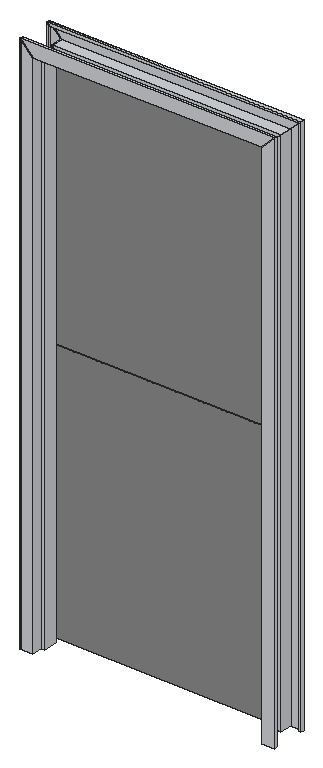
Revit family "Int-DD-MDMF-36 x 84", category Doors, host Wall, Revit 2014
Parameters (values of type "Int-DD-MDMF-36" x 84"")
  Width = Door Panel Width  # 3' - 0"
  Wall Thickness [instance] = 0' - 4 3/4"
  URL = ""
  Type Comments = ""
  Thickness = 0' - 1 3/4"
  Swing Angle [instance] = 90.00°
  SDI RO Spacing = 0' - 0"
  SDI Panel 1 Width = Leaf Width + 0' 0 3/16"  # 3' - 0"
  SDI No Panels = ""
  SDI HW Set [instance] = ""
  SDI HW Item LO-2 [instance] = ""
  SDI HW Item LO-1 [instance] = ""
  SDI HW Item KP-2 [instance] = ""
  SDI HW Item KP-1 [instance] = ""
  SDI HW Item HI-2 [instance] = ""
  SDI HW Item HI-1 [instance] = ""
  SDI HW Item HC-2 [instance] = ""
  SDI HW Item HC-1 [instance] = ""
  SDI HW Item ED-2 [instance] = ""
  SDI HW Item ED-1 [instance] = ""
  SDI HW Item DO-2 [instance] = ""
  SDI HW Item DO-1 [instance] = ""
  SDI HW Item CL-2 [instance] = ""
  SDI HW Item CL-1 [instance] = ""
  SDI Glass Material = Glass
  SDI Frame Type = "3 Piece"
  SDI Frame Material Type = "Hollow Metal"
  SDI Frame Material = Paint - Generic - Prime
  SDI Frame Manufacturer = ""
  SDI Frame Jamb Width = 0' - 2"
  SDI Frame Head Width = 0' - 2"
  SDI Frame Finish Type = "Painted"
  SDI Frame Finish Color = "Prime"
  SDI Frame Depth [instance] = 0' - 5 3/4"
  SDI Family Version = "1.0"
  SDI Door Panel Type = "DD"
  SDI Door Material Type = "Hollow Metal"
  SDI Door Material = Paint - Generic - Prime
  SDI Door Manufacturer = ""
  SDI Door Finish Type = "Painted"
  SDI Door Finish Color = "Prime"
  SDI Door Configuration = "SG"
  SDI Arch Frame Type [instance] = ""
  SDI Arch Frame Material Type [instance] = "HM"
  SDI Arch Door Panel Type [instance] = "DD"
  SDI Arch Door Material Type [instance] = "HM"
  SDI Adjacent Wall Placement = 0' - 4"
  Rough Width = Frame Width - 0' 1" + 2 * SDI RO Spacing  # 3' - 3"
  Rough Height = Frame Height - 0' 0 1/2" + SDI RO Spacing  # 7' - 1 1/2"
  R1 Height = 7' - 0"
  P1 Width = 3' - 2"
  Model = "Int-DD-MDMF-36\" x 84\""
  Manufacturer = ""
  Leaf Width = P1 Width - 0' 2 3/16"  # 2' - 11 13/16"
  Height = Door Panel Height  # 7' - 0"
  Function = Interior
  Frame Width = P1 Width + 0' 2"  # 3' - 4"
  Frame Offset [instance] = 0' - 0"
  Frame Height = R1 Height + 0' 2"  # 7' - 2"
  Fire Rating = ""
  Exterior Glazing [instance] = no
  Door Panel Width = P1 Width - 0' 2"  # 3' - 0"
  Door Panel Height = R1 Height + 0' 2" - (0' 2")  # 7' - 0"
  Description = "Hollow Metal Door with Hollow Metal Frame"
  Cost = 0
  Assembly Code = "C1020310"
  Analytic Construction = "<None>"
  ADA Clearance Lines = no
Reference planes (in)
  plane 1: y = 0
  plane 2 "Center (Left/Right)": x = 0
  plane 3 "Wall Edge": y = 2.375
  plane 4 "Wall Interior": y = -2.375
  plane 5 "ModelRefLevel": z = 0
  plane 6 "FrameDepthPlane": y = 0
  plane 7 "FrameFront": y = 2.875
  plane 8 "FrameBack": y = -2.875
  plane 9 "V0": x = 19
  plane 10 "V1": x = -19
  plane 11 "H0": z = 1
  plane 12 "H1": z = 85
  plane 13 "InTermLeftJamb0": x = 18
  plane 14 "OutTermLeftJamb0": x = 20
  plane 15 "InTermRightJamb1": x = -18
  plane 16 "OutTermRightJamb1": x = -20
  plane 17 "DoorLeft": x = 18
  plane 18 "DoorRight": x = -18
  plane 19 "DoorCenter": x = 0
  plane 20 "DoorTop": z = 83.875
  plane 21 "DoorCenterTB": z = 41.9375
  plane 22 "DoorExtFace": y = 2.8125
  plane 23 "DoorGlassFace": y = 2.0625
  plane 24 "LockCenterLine": z = 41.3125
  plane 25 "ActDoorLeft": x = 17.90625
  plane 26 "SwingClrPlane": y = 62.375
  plane 27 "SwingPartialPlane": y = 50.375
  plane 28 "LeftAdjWall": x = 24
Forms (in)
  Extrusion 1, solid
    sketch origin (138.6875, 0, 43) x (-1, 0, 0) y (0, -1, 0)
      loop
        line (119.0625, -2.375) -> (118.6875, -2.375) -> (118.6875, -2.875) -> (120.6875, -2.875) -> (120.6875, -0.9375) -> (121.3125, -0.9375) -> (121.3125, 1.3125) -> (120.6875, 1.3125) -> (120.6875, 2.875) -> (118.6875, 2.875) -> (118.6875, 2.375) -> (119.0625, 2.375) -> (119.0625, 2.4375) -> (118.75, 2.4375) -> (118.75, 2.8125) -> (120.625, 2.8125) -> (120.625, 1.25) -> (121.25, 1.25) -> (121.25, -0.875) -> (120.625, -0.875) -> (120.625, -2.8125) -> (118.75, -2.8125) -> (118.75, -2.4375) -> (119.0625, -2.4375) -> (119.0625, -2.375)
    from -43 to 43
  Extrusion 2, void
    sketch origin (0, 2.375, 0) x (1, 0, 0) y (0, 0, 1)
      loop
        line (20, 86) -> (17.375, 86) -> (17.375, 83.375) -> (20, 86)
    from -12 to 12
  Extrusion 3, solid
    sketch origin (101.3125, 0, 43) x (-1, 0, 0) y (0, -1, 0)
      loop
        line (120.9375, -2.4375) -> (121.25, -2.4375) -> (121.25, -2.8125) -> (119.375, -2.8125) -> (119.375, -0.875) -> (118.75, -0.875) -> (118.75, 1.25) -> (119.375, 1.25) -> (119.375, 2.8125) -> (121.25, 2.8125) -> (121.25, 2.4375) -> (120.9375, 2.4375) -> (120.9375, 2.375) -> (121.3125, 2.375) -> (121.3125, 2.875) -> (119.3125, 2.875) -> (119.3125, 1.3125) -> (118.6875, 1.3125) -> (118.6875, -0.9375) -> (119.3125, -0.9375) -> (119.3125, -2.875) -> (121.3125, -2.875) -> (121.3125, -2.375) -> (120.9375, -2.375) -> (120.9375, -2.4375)
    from -43 to 43
  Extrusion 4, void
    sketch origin (0, 2.375, 0) x (1, 0, 0) y (0, 0, 1)
      loop
        line (-20, 86) -> (-17.375, 83.375) -> (-17.375, 86) -> (-20, 86)
    from -12 to 12
  Extrusion 5, solid
    sketch origin (0, 0, 84.6875) x (0, 1, 0) y (0, 0, 1)
      loop
        line (2.4375, 0.9375) -> (2.4375, 1.25) -> (2.8125, 1.25) -> (2.8125, -0.625) -> (0.875, -0.625) -> (0.875, -1.25) -> (-1.25, -1.25) -> (-1.25, -0.625) -> (-2.8125, -0.625) -> (-2.8125, 1.25) -> (-2.4375, 1.25) -> (-2.4375, 0.9375) -> (-2.375, 0.9375) -> (-2.375, 1.3125) -> (-2.875, 1.3125) -> (-2.875, -0.6875) -> (-1.3125, -0.6875) -> (-1.3125, -1.3125) -> (0.9375, -1.3125) -> (0.9375, -0.6875) -> (2.875, -0.6875) -> (2.875, 1.3125) -> (2.375, 1.3125) -> (2.375, 0.9375) -> (2.4375, 0.9375)
    from -20 to 20
  Extrusion 6, void
    sketch origin (0, 2.375, 0) x (1, 0, 0) y (0, 0, 1)
      loop
        line (-20, 86) -> (-20, 83.375) -> (-17.375, 83.375) -> (-20, 86)
    from -12 to 12
  Extrusion 7, void
    sketch origin (0, 2.375, 0) x (1, 0, 0) y (0, 0, 1)
      loop
        line (20, 86) -> (17.375, 83.375) -> (20, 83.375) -> (20, 86)
    from -12 to 12
  Extrusion 8, solid, material "Paint - Generic - Prime" <- "SDI Door Material"
    sketch origin (-72, 2.8125, -24) x (1, 0, 0) y (0, 0, 1)
      loop
        line (89.90625, 24.625) -> (89.90625, 66) -> (54.09375, 66) -> (54.09375, 24.625) -> (89.90625, 24.625)
    from 0 to 1.75
  Extrusion 9, solid, material "Paint - Generic - Prime" <- "SDI Door Material"
    sketch origin (-72, 2.8125, -24) x (1, 0, 0) y (0, 0, 1)
      loop
        line (89.90625, 66.125) -> (89.90625, 107.875) -> (54.09375, 107.875) -> (54.09375, 66.125) -> (89.90625, 66.125)
    from 0 to 1.75
Cuts and joins
  Extrusion 2 cuts Extrusion 1
  Extrusion 4 cuts Extrusion 3
  Extrusion 6, Extrusion 7 cuts Extrusion 5
Lines and regions (in)
  Opening 1
    outline origin (-60, -2.375, 0) x (1, 0, 0) y (0, 0, 1)
      loop
        line (79.5, 0) -> (79.5, 85.5) -> (40.5, 85.5) -> (40.5, 0) -> (79.5, 0)
  symbolic lines, style "DoorsFrameMullionProjection", detail levels fine
    curve 1: line (19.625, 2.375, 0) -> (20, 2.375, 0)
    curve 2: line (20, 2.375, 0) -> (20, 2.875, 0)
    curve 3: line (20, 2.875, 0) -> (18, 2.875, 0)
    curve 4: line (18, 2.875, 0) -> (18, 0.9375, 0)
    curve 5: line (18, 0.9375, 0) -> (17.375, 0.9375, 0)
    curve 6: line (17.375, 0.9375, 0) -> (17.375, -1.3125, 0)
    curve 7: line (17.375, -1.3125, 0) -> (18, -1.3125, 0)
    curve 8: line (18, -1.3125, 0) -> (18, -2.875, 0)
    curve 9: line (18, -2.875, 0) -> (20, -2.875, 0)
    curve 10: line (20, -2.875, 0) -> (20, -2.375, 0)
    curve 11: line (20, -2.375, 0) -> (19.625, -2.375, 0)
    curve 12: line (19.625, -2.375, 0) -> (19.625, -2.4375, 0)
    curve 13: line (19.625, -2.4375, 0) -> (19.9375, -2.4375, 0)
    curve 14: line (19.9375, -2.4375, 0) -> (19.9375, -2.8125, 0)
    curve 15: line (19.9375, -2.8125, 0) -> (18.0625, -2.8125, 0)
    curve 16: line (18.0625, -2.8125, 0) -> (18.0625, -1.25, 0)
    curve 17: line (18.0625, -1.25, 0) -> (17.4375, -1.25, 0)
    curve 18: line (17.4375, -1.25, 0) -> (17.4375, 0.875, 0)
    curve 19: line (17.4375, 0.875, 0) -> (18.0625, 0.875, 0)
    curve 20: line (18.0625, 0.875, 0) -> (18.0625, 2.8125, 0)
    curve 21: line (18.0625, 2.8125, 0) -> (19.9375, 2.8125, 0)
    curve 22: line (19.9375, 2.8125, 0) -> (19.9375, 2.4375, 0)
    curve 23: line (19.9375, 2.4375, 0) -> (19.625, 2.4375, 0)
    curve 24: line (19.625, 2.4375, 0) -> (19.625, 2.375, 0)
    curve 37: line (-19.625, 2.4375, 0) -> (-19.9375, 2.4375, 0)
    curve 38: line (-19.9375, 2.4375, 0) -> (-19.9375, 2.8125, 0)
    curve 39: line (-19.9375, 2.8125, 0) -> (-18.0625, 2.8125, 0)
    curve 40: line (-18.0625, 2.8125, 0) -> (-18.0625, 0.875, 0)
    curve 41: line (-18.0625, 0.875, 0) -> (-17.4375, 0.875, 0)
    curve 42: line (-17.4375, 0.875, 0) -> (-17.4375, -1.25, 0)
    curve 43: line (-17.4375, -1.25, 0) -> (-18.0625, -1.25, 0)
    curve 44: line (-18.0625, -1.25, 0) -> (-18.0625, -2.8125, 0)
    curve 45: line (-18.0625, -2.8125, 0) -> (-19.9375, -2.8125, 0)
    curve 46: line (-19.9375, -2.8125, 0) -> (-19.9375, -2.4375, 0)
    curve 47: line (-19.9375, -2.4375, 0) -> (-19.625, -2.4375, 0)
    curve 48: line (-19.625, -2.4375, 0) -> (-19.625, -2.375, 0)
    curve 49: line (-19.625, -2.375, 0) -> (-20, -2.375, 0)
    curve 50: line (-20, -2.375, 0) -> (-20, -2.875, 0)
    curve 51: line (-20, -2.875, 0) -> (-18, -2.875, 0)
    curve 52: line (-18, -2.875, 0) -> (-18, -1.3125, 0)
    curve 53: line (-18, -1.3125, 0) -> (-17.375, -1.3125, 0)
    curve 54: line (-17.375, -1.3125, 0) -> (-17.375, 0.9375, 0)
    curve 55: line (-17.375, 0.9375, 0) -> (-18, 0.9375, 0)
    curve 56: line (-18, 0.9375, 0) -> (-18, 2.875, 0)
    curve 57: line (-18, 2.875, 0) -> (-20, 2.875, 0)
    curve 58: line (-20, 2.875, 0) -> (-20, 2.375, 0)
    curve 59: line (-20, 2.375, 0) -> (-19.625, 2.375, 0)
    curve 60: line (-19.625, 2.375, 0) -> (-19.625, 2.4375, 0)
  symbolic lines, style "DoorsFrameMullionProjection", detail levels coarse
    curve 25: line (18, -2.875, 0) -> (19.5, -2.875, 0)
    curve 26: line (18, 2.875, 0) -> (19.5, 2.875, 0)
    curve 27: line (18, -2.875, 0) -> (18, 2.875, 0)
    curve 28: line (19.5, -2.875, 0) -> (19.5, 2.875, 0)
    curve 61: line (-19.5, -2.875, 0) -> (-18, -2.875, 0)
    curve 62: line (-19.5, 2.875, 0) -> (-18, 2.875, 0)
    curve 63: line (-19.5, -2.875, 0) -> (-19.5, 2.875, 0)
    curve 64: line (-18, -2.875, 0) -> (-18, 2.875, 0)
  symbolic lines, style "DoorsFrameMullionProjection", detail levels medium
    curve 29: line (18, -2.875, 0) -> (20, -2.875, 0)
    curve 30: line (20, -2.875, 0) -> (20, -2.375, 0)
    curve 31: line (19.5, -2.375, 0) -> (20, -2.375, 0)
    curve 32: line (19.5, -2.375, 0) -> (19.5, 2.375, 0)
    curve 33: line (19.5, 2.375, 0) -> (20, 2.375, 0)
    curve 34: line (20, 2.875, 0) -> (20, 2.375, 0)
    curve 35: line (18, 2.875, 0) -> (20, 2.875, 0)
    curve 36: line (18, -2.875, 0) -> (18, 2.875, 0)
  symbolic lines, style "Elevation Swing"
    curve 65: line (-17.90625, 2.375, 83.875) -> (17.90625, 2.375, 41.9375)
    curve 66: line (-17.90625, 2.375, 0) -> (17.90625, 2.375, 41.9375)
  symbolic lines, style "ADA Clearance", visible <- "ADA Clearance Lines"
    curve 67: line (20, 2.375, 0) -> (20, 62.375, 0)
    curve 68: line (-36, 62.375, 0) -> (20, 62.375, 0)
    curve 69: line (-36, 50.375, 0) -> (20, 50.375, 0)
    curve 70: line (-36, 2.375, 0) -> (-36, 62.375, 0)
    curve 71: line (20, -2.375, 0) -> (20, -50.375, 0)
    curve 72: line (-30, -50.375, 0) -> (20, -50.375, 0)
    curve 73: line (-30, -2.375, 0) -> (-30, -50.375, 0)
Text (in)
  text "Placement Side" at (0, 40.15149, 123.01588), in view "Right"
  text "Placement Side" at (-70.3804, 28.46503, 0), in view "Ref. Level"
  text "Placement Side" at (0, 81.62555, 140.59947), in view "Left"
Dimensions and locks (in)
  locked: plane 3 "Wall Edge" to host wall
  equal spacing: host wall, plane 2 "Center (Left/Right)", host wall
  "Rough Width": host wall to host wall
  "Rough Height": level to host wall
  equal spacing: plane 3 "Wall Edge", plane 1, plane 4 "Wall Interior"
  "Wall Thickness": host wall to host wall
  locked: plane 3 "Wall Edge" to plane 7 "FrameFront" at 0.5
  locked: plane 4 "Wall Interior" to plane 8 "FrameBack" at 0.5
  "SDI Frame Depth": plane 7 "FrameFront" to plane 8 "FrameBack"
  equal spacing: plane 9 "V0", plane 2 "Center (Left/Right)", plane 10 "V1"
  "P1 Width": plane 9 "V0" to plane 10 "V1"
  "R1 Height": plane 11 "H0" to plane 12 "H1"
  locked: plane 12 "H1" to Extrusion 1 at 1
  locked: plane 11 "H0" to Extrusion 1 at 1
  locked: plane 9 "V0" to Extrusion 1 at 0.9375  (x4)
  locked: plane 9 "V0" to Extrusion 1 at 1.5625
  locked: plane 9 "V0" to Extrusion 1 at 1  (x4)
  locked: plane 9 "V0" to Extrusion 1 at 0.625  (x3)
  locked: plane 9 "V0" to Extrusion 1 at 1.625
  locked: plane 9 "V0" to curve 1 at 0.625
  locked: plane 9 "V0" to curve 2 at 1
  locked: plane 9 "V0" to curve 3 at 1
  locked: plane 9 "V0" to curve 4 at 1
  locked: plane 9 "V0" to curve 5 at 1
  locked: plane 9 "V0" to curve 6 at 1.625
  locked: plane 9 "V0" to curve 7 at 1.625
  locked: plane 9 "V0" to curve 8 at 1
  locked: plane 9 "V0" to curve 9 at 1
  locked: plane 9 "V0" to curve 10 at 1
  locked: plane 9 "V0" to curve 11 at 1
  locked: plane 9 "V0" to curve 12 at 0.625
  locked: plane 9 "V0" to curve 13 at 0.625
  locked: plane 9 "V0" to curve 14 at 0.9375
  locked: plane 9 "V0" to curve 15 at 0.9375
  locked: plane 9 "V0" to curve 16 at 0.9375
  locked: plane 9 "V0" to curve 17 at 0.9375
  locked: plane 9 "V0" to curve 18 at 1.5625
  locked: plane 9 "V0" to curve 19 at 1.5625
  locked: plane 9 "V0" to curve 20 at 0.9375
  locked: plane 9 "V0" to curve 21 at 0.9375
  locked: plane 9 "V0" to curve 22 at 0.9375
  locked: plane 9 "V0" to curve 23 at 0.9375
  locked: plane 9 "V0" to curve 24 at 0.625
  locked: plane 9 "V0" to plane 14 "OutTermLeftJamb0" at 1
  locked: plane 9 "V0" to plane 13 "InTermLeftJamb0" at 1
  locked: plane 9 "V0" to curve 25 at 1
  locked: plane 9 "V0" to curve 26 at 1
  locked: plane 9 "V0" to curve 27 at 1
  locked: plane 9 "V0" to curve 28 at 0.5
  locked: plane 9 "V0" to curve 29 at 1
  locked: plane 9 "V0" to curve 30 at 1
  locked: plane 9 "V0" to curve 31 at 0.5
  locked: plane 9 "V0" to curve 32 at 0.5
  locked: plane 9 "V0" to curve 33 at 0.5
  locked: plane 9 "V0" to curve 34 at 1
  locked: plane 9 "V0" to curve 35 at 1
  locked: plane 9 "V0" to curve 36 at 1
  locked: plane 12 "H1" to Extrusion 3 at 1
  locked: plane 11 "H0" to Extrusion 3 at 1
  locked: plane 10 "V1" to Extrusion 3 at 0.625  (x2)
  locked: plane 10 "V1" to Extrusion 3 at 1  (x5)
  locked: plane 10 "V1" to Extrusion 3 at 1.625
  locked: plane 10 "V1" to Extrusion 3 at 0.9375  (x4)
  locked: plane 10 "V1" to Extrusion 3 at 1.5625
  locked: plane 10 "V1" to curve 37 at 0.625
  locked: plane 10 "V1" to curve 38 at 0.9375
  locked: plane 10 "V1" to curve 39 at 0.9375
  locked: plane 10 "V1" to curve 40 at 0.9375
  locked: plane 10 "V1" to curve 41 at 0.9375
  locked: plane 10 "V1" to curve 42 at 1.5625
  locked: plane 10 "V1" to curve 43 at 1.5625
  locked: plane 10 "V1" to curve 44 at 0.9375
  locked: plane 10 "V1" to curve 45 at 0.9375
  locked: plane 10 "V1" to curve 46 at 0.9375
  locked: plane 10 "V1" to curve 47 at 0.9375
  locked: plane 10 "V1" to curve 48 at 0.625
  locked: plane 10 "V1" to curve 49 at 0.625
  locked: plane 10 "V1" to curve 50 at 1
  locked: plane 10 "V1" to curve 51 at 1
  locked: plane 10 "V1" to curve 52 at 1
  locked: plane 10 "V1" to curve 53 at 1
  locked: plane 10 "V1" to curve 54 at 1.625
  locked: plane 10 "V1" to curve 55 at 1.625
  locked: plane 10 "V1" to curve 56 at 1
  locked: plane 10 "V1" to curve 57 at 1
  locked: plane 10 "V1" to curve 58 at 1
  locked: plane 10 "V1" to curve 59 at 1
  locked: plane 10 "V1" to curve 60 at 0.625
  locked: plane 10 "V1" to plane 15 "InTermRightJamb1" at 1
  locked: plane 10 "V1" to plane 16 "OutTermRightJamb1" at 1
  locked: plane 10 "V1" to curve 61 at 0.5
  locked: plane 10 "V1" to curve 62 at 0.5
  locked: plane 10 "V1" to curve 63 at 0.5
  locked: plane 10 "V1" to curve 64 at 1
  locked: plane 9 "V0" to Extrusion 5 at 1
  locked: plane 10 "V1" to Extrusion 5 at 1
  locked: plane 12 "H1" to Extrusion 5 at 0.9375  (x5)
  locked: plane 12 "H1" to Extrusion 5 at 1.5625
  locked: plane 12 "H1" to Extrusion 5 at 1  (x4)
  locked: plane 12 "H1" to Extrusion 5 at 0.625  (x2)
  locked: plane 12 "H1" to Extrusion 5 at 1.625
  locked: plane 7 "FrameFront" to cut or joined group of Extrusion 1, Extrusion 2 at 1.9375
  locked: plane 7 "FrameFront" to cut or joined group of Extrusion 1, Extrusion 2 at 2
  locked: plane 7 "FrameFront" to cut or joined group of Extrusion 1, Extrusion 2 at 0.0625
  locked: plane 7 "FrameFront" to cut or joined group of Extrusion 1, Extrusion 2 at 0.4375
  locked: plane 7 "FrameFront" to cut or joined group of Extrusion 1, Extrusion 2 at 0.5
  locked: plane 8 "FrameBack" to cut or joined group of Extrusion 1, Extrusion 2 at 1.5625
  locked: plane 8 "FrameBack" to cut or joined group of Extrusion 1, Extrusion 2 at 0.5
  locked: plane 8 "FrameBack" to cut or joined group of Extrusion 1, Extrusion 2 at 0.4375
  locked: plane 8 "FrameBack" to cut or joined group of Extrusion 1, Extrusion 2 at 0.0625
  locked: plane 8 "FrameBack" to cut or joined group of Extrusion 1, Extrusion 2 at 1.625
  locked: plane 7 "FrameFront" to cut or joined group of Extrusion 3, Extrusion 4 at 0.0625
  locked: plane 7 "FrameFront" to cut or joined group of Extrusion 3, Extrusion 4 at 2
  locked: plane 7 "FrameFront" to cut or joined group of Extrusion 3, Extrusion 4 at 1.9375
  locked: plane 7 "FrameFront" to cut or joined group of Extrusion 3, Extrusion 4 at 0.5
  locked: plane 7 "FrameFront" to cut or joined group of Extrusion 3, Extrusion 4 at 0.4375
  locked: plane 8 "FrameBack" to cut or joined group of Extrusion 3, Extrusion 4 at 1.625
  locked: plane 8 "FrameBack" to cut or joined group of Extrusion 3, Extrusion 4 at 0.0625
  locked: plane 8 "FrameBack" to cut or joined group of Extrusion 3, Extrusion 4 at 0.4375
  locked: plane 8 "FrameBack" to cut or joined group of Extrusion 3, Extrusion 4 at 0.5
  locked: plane 8 "FrameBack" to cut or joined group of Extrusion 3, Extrusion 4 at 1.5625
  locked: plane 7 "FrameFront" to cut or joined group of Extrusion 5, Extrusion 6, Extrusion 7 at 0.0625
  locked: plane 7 "FrameFront" to cut or joined group of Extrusion 5, Extrusion 6, Extrusion 7 at 2
  locked: plane 7 "FrameFront" to cut or joined group of Extrusion 5, Extrusion 6, Extrusion 7 at 1.9375
  locked: plane 7 "FrameFront" to cut or joined group of Extrusion 5, Extrusion 6, Extrusion 7 at 0.5
  locked: plane 7 "FrameFront" to cut or joined group of Extrusion 5, Extrusion 6, Extrusion 7 at 0.4375
  locked: plane 8 "FrameBack" to cut or joined group of Extrusion 5, Extrusion 6, Extrusion 7 at 1.625
  locked: plane 8 "FrameBack" to cut or joined group of Extrusion 5, Extrusion 6, Extrusion 7 at 0.0625
  locked: plane 8 "FrameBack" to cut or joined group of Extrusion 5, Extrusion 6, Extrusion 7 at 0.4375
  locked: plane 8 "FrameBack" to cut or joined group of Extrusion 5, Extrusion 6, Extrusion 7 at 0.5
  locked: plane 8 "FrameBack" to cut or joined group of Extrusion 5, Extrusion 6, Extrusion 7 at 1.5625
  locked: plane 7 "FrameFront" to curve 1 at 0.5
  locked: plane 7 "FrameFront" to curve 5 at 1.9375
  locked: plane 7 "FrameFront" to curve 19 at 2
  locked: plane 7 "FrameFront" to curve 21 at 0.0625
  locked: plane 7 "FrameFront" to curve 23 at 0.4375
  locked: plane 7 "FrameFront" to curve 33 at 0.5
  locked: plane 7 "FrameFront" to curve 37 at 0.4375
  locked: plane 7 "FrameFront" to curve 39 at 0.0625
  locked: plane 7 "FrameFront" to curve 41 at 2
  locked: plane 7 "FrameFront" to curve 55 at 1.9375
  locked: plane 7 "FrameFront" to curve 59 at 0.5
  locked: plane 8 "FrameBack" to curve 7 at 1.5625
  locked: plane 8 "FrameBack" to curve 11 at 0.5
  locked: plane 8 "FrameBack" to curve 13 at 0.4375
  locked: plane 8 "FrameBack" to curve 15 at 0.0625
  locked: plane 8 "FrameBack" to curve 17 at 1.625
  locked: plane 8 "FrameBack" to curve 31 at 0.5
  locked: plane 8 "FrameBack" to curve 43 at 1.625
  locked: plane 8 "FrameBack" to curve 45 at 0.0625
  locked: plane 8 "FrameBack" to curve 47 at 0.4375
  locked: plane 8 "FrameBack" to curve 49 at 0.5
  locked: plane 8 "FrameBack" to curve 53 at 1.5625
  locked: plane 9 "V0" to plane 17 "DoorLeft" at 1
  locked: plane 10 "V1" to plane 18 "DoorRight" at 1
  locked: plane 12 "H1" to plane 20 "DoorTop" at 1.125
  equal spacing: plane 20 "DoorTop", plane 21 "DoorCenterTB", plane 5 "ModelRefLevel"
  locked: plane 3 "Wall Edge" to plane 22 "DoorExtFace" at 0.4375
  locked: plane 3 "Wall Edge" to plane 23 "DoorGlassFace" at 0.3125
  locked: plane 24 "LockCenterLine" to plane 5 "ModelRefLevel" at 41.3125
  locked: Extrusion 8 to Extrusion 8 at 1.75
  locked: Extrusion 9 to Extrusion 9 at 1.75
  locked: plane 17 "DoorLeft" to Extrusion 8 at 0.09375
  locked: plane 18 "DoorRight" to Extrusion 8 at 0.09375
  locked: plane 24 "LockCenterLine" to Extrusion 8 at 0.6875
  locked: plane 5 "ModelRefLevel" to Extrusion 8 at 0.625
  locked: plane 17 "DoorLeft" to Extrusion 9 at 0.09375
  locked: plane 18 "DoorRight" to Extrusion 9 at 0.09375
  locked: plane 20 "DoorTop" to Extrusion 9 at 0
  locked: plane 24 "LockCenterLine" to Extrusion 9 at 0.8125
  locked: plane 17 "DoorLeft" to plane 25 "ActDoorLeft" at 0.09375
  locked: plane 3 "Wall Edge" to plane 26 "SwingClrPlane" at 60
  locked: plane 3 "Wall Edge" to plane 27 "SwingPartialPlane" at 48
  "SDI Adjacent Wall Placement": plane 14 "OutTermLeftJamb0" to plane 28 "LeftAdjWall"
  aligned and locked: plane 4 "Wall Interior" to host wall
  aligned and locked: cut or joined group of Extrusion 1, Extrusion 2 to plane 7 "FrameFront"
  aligned and locked: plane 8 "FrameBack" to cut or joined group of Extrusion 1, Extrusion 2
  aligned and locked: cut or joined group of Extrusion 3, Extrusion 4 to plane 7 "FrameFront"
  aligned and locked: plane 8 "FrameBack" to cut or joined group of Extrusion 3, Extrusion 4
  aligned and locked: cut or joined group of Extrusion 5, Extrusion 6, Extrusion 7 to plane 7 "FrameFront"
  aligned and locked: plane 8 "FrameBack" to cut or joined group of Extrusion 5, Extrusion 6, Extrusion 7
  aligned and locked: curve 3 to plane 7 "FrameFront"
  aligned and locked: plane 7 "FrameFront" to curve 26
  aligned and locked: curve 57 to plane 7 "FrameFront"
  aligned and locked: plane 7 "FrameFront" to curve 62
  aligned and locked: plane 8 "FrameBack" to curve 9
  aligned and locked: plane 8 "FrameBack" to curve 51
  aligned and locked: plane 8 "FrameBack" to curve 61
  aligned and locked: Extrusion 8 to plane 22 "DoorExtFace"
  aligned and locked: Extrusion 9 to plane 22 "DoorExtFace"
  aligned and locked: plane 7 "FrameFront" to nested 1
  aligned and locked: plane 25 "ActDoorLeft" to nested 1
  aligned and locked: plane 26 "SwingClrPlane" to curve 68
  aligned and locked: plane 27 "SwingPartialPlane" to curve 69
Automatic sketch dimensions
  Opening 1 sketch curve to level = 0' - 0"
  Opening 1 sketch curve to plane 2 "Center (Left/Right)" = 1' - 7 1/2"
  plane 2 "Center (Left/Right)" to Opening 1 sketch curve = 1' - 7 1/2"
  level to Opening 1 sketch curve = 7' - 1 1/2"
  Extrusion 2 sketch curve to plane 9 "V0" = 0' - 1 5/8"
  plane 9 "V0" to Extrusion 2 sketch curve = 0' - 1"
  plane 12 "H1" to Extrusion 2 sketch curve = 0' - 1 5/8"
  Extrusion 2 sketch curve to plane 12 "H1" = 0' - 1"
  host wall to Extrusion 1 sketch curve = 0' - 0"
  Extrusion 1 sketch curve to host wall = 0' - 0"
  plane 7 "FrameFront" to Extrusion 1 sketch curve = 0' - 0"
  plane 8 "FrameBack" to Extrusion 1 sketch curve = 0' - 0"
  plane 2 "Center (Left/Right)" to Extrusion 1 sketch curve = 1' - 8"  (x2)
  Extrusion 1 sketch curve to Extrusion 1 sketch curve = 0' - 0 1/16"  (x7)
  host wall to Extrusion 1 sketch curve = 0' - 0 1/16"  (x2)
  Extrusion 1 sketch curve to Extrusion 1 sketch curve = 0' - 0 5/16"  (x2)
  plane 2 "Center (Left/Right)" to Extrusion 1 sketch curve = 1' - 6 1/16"  (x2)
  Extrusion 1 sketch curve to Extrusion 1 sketch curve = 0' - 0 9/16"
  plane 7 "FrameFront" to Extrusion 1 sketch curve = 0' - 0 1/16"
  Extrusion 1 sketch curve to host wall = 0' - 0 15/16"
  Extrusion 1 sketch curve to host wall = 0' - 1 1/8"
  Extrusion 1 sketch curve to plane 8 "FrameBack" = 0' - 0 1/16"
  plane 9 "V0" to curve 1 = 0' - 1"
  curve 1 to curve 1 = 0' - 0 3/8"
  curve 3 to plane 9 "V0" = 0' - 1"
  curve 4 to curve 5 = 0' - 0 5/8"
  curve 10 to curve 11 = 0' - 0 3/8"
  curve 10 to curve 13 = 0' - 0 1/16"
  curve 15 to curve 8 = 0' - 0 1/16"
  curve 17 to curve 6 = 0' - 0 1/16"
  curve 20 to curve 3 = 0' - 0 1/16"
  curve 2 to curve 21 = 0' - 0 1/16"
  curve 21 to curve 26 = 0' - 0 7/16"
  curve 11 to curve 31 = 0' - 0 1/8"
  curve 1 to curve 32 = 0' - 0 1/8"
  Extrusion 4 sketch curve to plane 10 "V1" = 0' - 1"
  plane 10 "V1" to Extrusion 4 sketch curve = 0' - 1 5/8"
  plane 12 "H1" to Extrusion 4 sketch curve = 0' - 1 5/8"
  Extrusion 4 sketch curve to plane 12 "H1" = 0' - 1"
  plane 8 "FrameBack" to Extrusion 3 sketch curve = 0' - 0"
  plane 7 "FrameFront" to Extrusion 3 sketch curve = 0' - 0"
  host wall to Extrusion 3 sketch curve = 0' - 0"
  Extrusion 3 sketch curve to host wall = 0' - 0"
  Extrusion 3 sketch curve to plane 2 "Center (Left/Right)" = 1' - 5 3/8"
  Extrusion 3 sketch curve to Extrusion 3 sketch curve = 0' - 0 1/16"  (x7)
  Extrusion 3 sketch curve to plane 2 "Center (Left/Right)" = 1' - 6"  (x2)
  Extrusion 3 sketch curve to plane 2 "Center (Left/Right)" = 1' - 7 5/8"  (x2)
  host wall to Extrusion 3 sketch curve = 0' - 0 1/16"  (x2)
  Extrusion 3 sketch curve to Extrusion 3 sketch curve = 0' - 0 5/16"  (x2)
  plane 7 "FrameFront" to Extrusion 3 sketch curve = 0' - 0 1/16"
  Extrusion 3 sketch curve to host wall = 0' - 0 15/16"
  Extrusion 3 sketch curve to host wall = 0' - 1 1/8"
  Extrusion 3 sketch curve to plane 8 "FrameBack" = 0' - 0 1/16"
  curve 37 to plane 10 "V1" = 0' - 0 5/8"
  curve 37 to curve 37 = 0' - 0 5/16"
  curve 42 to curve 43 = 0' - 0 5/8"
  curve 47 to curve 46 = 0' - 0 5/16"
  curve 46 to curve 49 = 0' - 0 1/16"
  curve 51 to curve 44 = 0' - 0 1/16"
  curve 53 to curve 42 = 0' - 0 1/16"
  curve 55 to curve 40 = 0' - 0 1/16"
  curve 38 to curve 57 = 0' - 0 1/16"
  curve 61 to curve 45 = 0' - 0 7/16"
  curve 62 to plane 15 "InTermRightJamb1" = 0' - 0"
  curve 62 to curve 38 = 0' - 0 7/16"
  plane 16 "OutTermRightJamb1" to Extrusion 6 sketch curve = 0' - 0"
  plane 15 "InTermRightJamb1" to Extrusion 6 sketch curve = 0' - 0 5/8"
  plane 12 "H1" to Extrusion 6 sketch curve = 0' - 1 5/8"
  Extrusion 6 sketch curve to plane 12 "H1" = 0' - 1"
  Extrusion 7 sketch curve to plane 14 "OutTermLeftJamb0" = 0' - 0"
  Extrusion 7 sketch curve to plane 13 "InTermLeftJamb0" = 0' - 0 5/8"
  plane 12 "H1" to Extrusion 7 sketch curve = 0' - 1 5/8"
  Extrusion 7 sketch curve to plane 12 "H1" = 0' - 1"
  Extrusion 5 sketch curve to plane 8 "FrameBack" = 0' - 0"
  Extrusion 5 sketch curve to host wall = 0' - 0"  (x2)
  Extrusion 5 sketch curve to plane 7 "FrameFront" = 0' - 0"
  Extrusion 5 sketch curve to plane 8 "FrameBack" = 0' - 0 1/16"
  host wall to Extrusion 5 sketch curve = 0' - 0 1/16"  (x2)
  Extrusion 5 sketch curve to host wall = 0' - 1 1/16"
  Extrusion 5 sketch curve to Extrusion 5 sketch curve = 0' - 0 1/16"  (x7)
  Extrusion 5 sketch curve to host wall = 0' - 0 7/8"
  plane 7 "FrameFront" to Extrusion 5 sketch curve = 0' - 0 1/16"
  level to Extrusion 5 sketch curve = 6' - 11 3/8"
  level to Extrusion 5 sketch curve = 7' - 0"  (x2)
  Extrusion 5 sketch curve to plane 11 "H0" = 7' - 0 5/8"  (x2)
  Extrusion 5 sketch curve to plane 11 "H0" = 7' - 0 15/16"  (x2)
  plane 15 "InTermRightJamb1" to Extrusion 8 sketch curve = 0' - 0 3/32"
  Extrusion 8 sketch curve to plane 13 "InTermLeftJamb0" = 0' - 0 3/32"
  plane 11 "H0" to Extrusion 8 sketch curve = 0' - 0 3/8"
  Extrusion 8 sketch curve to plane 21 "DoorCenterTB" = 0' - 0 1/16"
  Extrusion 9 sketch curve to plane 20 "DoorTop" = 0' - 0"
  plane 15 "InTermRightJamb1" to Extrusion 9 sketch curve = 0' - 0 3/32"
  Extrusion 9 sketch curve to plane 13 "InTermLeftJamb0" = 0' - 0 3/32"
  Extrusion 9 sketch curve to plane 21 "DoorCenterTB" = 0' - 0 3/16"
  curve 65 to plane 20 "DoorTop" = 0' - 0"
  curve 65 to plane 21 "DoorCenterTB" = 0' - 0"
  plane 15 "InTermRightJamb1" to curve 65 = 0' - 0 3/32"
  curve 66 to level = 0' - 0"
  curve 66 to plane 25 "ActDoorLeft" = 0' - 0"
  plane 15 "InTermRightJamb1" to curve 66 = 0' - 0 3/32"
  curve 67 to host wall = 0' - 0"
  curve 69 to plane 14 "OutTermLeftJamb0" = 0' - 0"
  curve 70 to host wall = 0' - 0"
  host wall to curve 71 = 0' - 0"
  plane 8 "FrameBack" to curve 71 = 3' - 11 1/2"
  curve 72 to plane 14 "OutTermLeftJamb0" = 0' - 0"
  curve 72 to plane 16 "OutTermRightJamb1" = 0' - 10"
  host wall to curve 73 = 0' - 0"
  curve 73 to curve 70 = 0' - 6"
Nested families (in)
  nested 1: "SingleDoorPlanLines" at (17.90625, 2.875, 0.625), type "SingleDoorPlanLines"
Definition of nested family "SingleDoorPlanLines"
  Parameters (values of type "SingleDoorPlanLines")
    Width = 3' - 0"
    URL = ""
    Thickness = 0' - 1 3/4"
    Analytic Construction = "<None>"
    Swing Angle = 90.00°
  Reference planes (in)
    plane 1 "Front": y = 0
    plane 2: z = 0
    plane 3 "Right": x = 0
    plane 4 "Left": x = -36
  Lines and regions (in)
    symbolic lines, style "DoorsPanelProjection"
      curve 1: line (0, 0, 0) -> (0, 36, 0)
      curve 2: line (0, 36, 0) -> (-1.75, 36, 0)
      curve 3: line (-1.75, 36, 0) -> (-1.75, 0, 0)
      curve 4: line (-1.75, 0, 0) -> (0, 0, 0)
    model lines, style "InvisibleLines", not visible
      curve 5: line (0, 0, 0) -> (-38.99851, -0.34033, 0)
    symbolic lines, style "Plan Swing"
      curve 6: arc (-35.99863, -0.31416, 0) -> (-25.56667, 25.34453, 0) -> (0, 36, 0) r 36
  Dimensions and locks (in)
    "Thickness": curve 3 to curve 1
    "Width": curve 2 to curve 4
    "Width": plane 4 "Left" to plane 3 "Right"
    "Swing Angle": angle curve 1 to plane 1 "Front"
    locked: plane 1 "Front" to curve 5 (angle 0.50°)
  Automatic sketch dimensions
    curve 6 to plane 1 "Front" = 0' - 0"
    curve 6 to plane 3 "Right" = 0' - 0"
    curve 4 to plane 1 "Front" = 0' - 0"
    curve 4 to plane 3 "Right" = 0' - 0"
